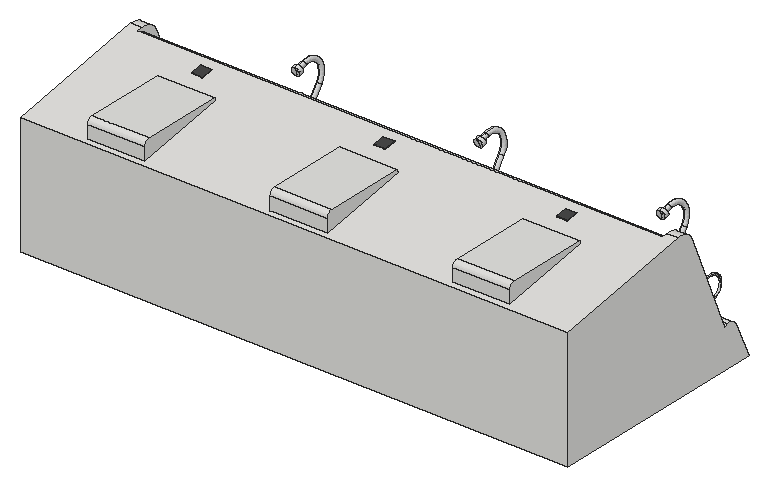
Revit family "Plumbing-Sink-Sloan-Valve-ESS-3300", category Plumbing Fixtures, host Face, Revit 2019
Family settings
  Host = Face
  Round Connector Dimension = Use Diameter
  Part Type = Normal
  OmniClass Number = 23.45.05.14.14
  OmniClass Title = Sinks/Lavatories
  Cut with Voids When Loaded = No
  Shared = No
  Room Calculation Point = No
Parameters (values of type "ESS-3300")
  z_C = no
  Width = 96.00"  # constant formula
  Water Flow = 2.2 GPM
  Waste Connection = yes
  WFU = 3
  Voltage = 110 V
  Vent Connection = no
  Valve Pressure Drop = 0.0 Pa
  URL = "www.sloanvalve.com"
  Sanitary Drain Connection Diameter = 1.50"
  Product data url = "https://bimobject.com/sloan_valve/product/sinks_stainless-steel_ess-3300"
  Product Material = Sloan Valve - Finish - Stainless Steel
  Product Guid = ""
  Power Factor = 0.8
  Part Number = ""
  Number of Poles = 3
  Model = "ESS-3300"
  Manufacturer = "Sloan Valve"  # constant formula
  Keynote = "10000"
  Hot Water Connection Diameter = 0.50"
  Height = 39.50"  # constant formula
  HWFU = 3
  HW Connection = yes
  z_Elevation [instance] = 25.00"  # constant formula
  Frequency = 60 Hz
  Edition number = 1
  Description = "Stainless Steel 3-Station Wall-Mounted Deluxe Scrub Sink."
  Depth = 25.31"  # constant formula
  Default Elevation = 0.00"  # constant formula
  Current = 15 A
  Cold Water Connection Diameter = 0.50"
  CWFU = 3
  CW Connection = yes
  Assembly Code = "D2010400"
  Apparent Load = (Voltage * Current) / (Power Factor * Number of Poles)  # 687.5 VA
  ADA Compliant = 1 = 1  # yes
Reference planes (in)
  plane 1 "Center (Front/Back)": y = 0
  plane 2: z = 0
  plane 3 "Center (Left/Right)": x = 0
  plane 4: x = -48
  plane 5: x = 48
  plane 6: z = 25.31
  plane 7: z = 5.26918
  plane 8: x = -42
  plane 9: x = -10
  plane 10: x = 22
  plane 11: y = -31.25
  plane 12: y = -56.25
  plane 13: y = -15.24713
Forms (in)
  Extrusion 1, solid, not visible
    sketch origin (0, 1, 0) x (1, 0, 0) y (0, 1, 0)
      loop
        circle (-23, -32.25) r 0.25
      loop
        circle (-26, -32.25) r 0.25
      loop
        circle (0, -32.25) r 0.75
      loop
        line (-41.25, -30.25) -> (-41.25, -34.25) -> (-38.75, -34.25) -> (-38.75, -30.25) -> (-41.25, -30.25)
      loop
        circle (9, -32.25) r 0.25
      loop
        circle (6, -32.25) r 0.25
      loop
        line (-9.25, -34.25) -> (-6.75, -34.25) -> (-6.75, -30.25) -> (-9.25, -30.25) -> (-9.25, -34.25)
      loop
        line (38.75, -34.25) -> (41.25, -34.25) -> (41.25, -30.25) -> (38.75, -30.25) -> (38.75, -34.25)
      loop
        circle (23, -32.25) r 0.25
      loop
        circle (26, -32.25) r 0.25
    from 0 to 0.50971
Dimensions and locks (in)
  "Depth": plane 6 to plane 2
  locked: plane 11 to plane 1 "Center (Front/Back)" at 31.25
  "z_Elevation": plane 11 to plane 12
  aligned and locked: plane 2 to host face
  aligned and locked: level to host face
  aligned and locked: plane 3 "Center (Left/Right)" to nested 1
Automatic sketch dimensions
  host sketch curve to host sketch curve = 131.57161"
  host sketch curve to host sketch curve = 89.40725"
  Extrusion 1 sketch curve to Extrusion 1 sketch curve = 19.25"
  Extrusion 1 sketch curve to Extrusion 1 sketch curve = 2.50"  (x3)
  Extrusion 1 sketch curve to Extrusion 1 sketch curve = 6.00"
  Extrusion 1 sketch curve to Extrusion 1 sketch curve = 9.00"
  Extrusion 1 sketch curve to Extrusion 1 sketch curve = 4.00"  (x3)
  Extrusion 1 sketch curve to Extrusion 1 sketch curve = 29.50"
  Extrusion 1 sketch curve to Extrusion 1 sketch curve = 61.75"
  Extrusion 1 sketch curve to plane 3 "Center (Left/Right)" = 6.75"
  plane 3 "Center (Left/Right)" to Extrusion 1 sketch curve = 6.00"
  Extrusion 1 sketch curve to Extrusion 1 sketch curve = 3.00"
  plane 10 to Extrusion 1 sketch curve = 1.00"
  Extrusion 1 sketch curve to Extrusion 1 sketch curve = 0.25"  (x2)
  Extrusion 1 sketch curve to Extrusion 1 sketch curve = 2.75"
  Extrusion 1 sketch curve to Extrusion 1 sketch curve = 0.00"  (x6)
  plane 1 "Center (Front/Back)" to Extrusion 1 sketch curve = 33.25"  (x3)
  Extrusion 1 sketch curve to Extrusion 1 sketch curve = 2.00"  (x3)
  radius of Extrusion 1 sketch curve = 0.25"  (x4)
  radius of Extrusion 1 sketch curve = 0.75"
Nested families (in)
  nested 1: "Geometry" at (0, -15.25, 0), type "Geometry"
Connectors (in)
  piping at (-23, -31.25, 0), diameter 0.5, driven by "Cold Water Connection Diameter", driven by "Water Flow"
    settings: on Extrusion 1, index 3, connector inside diameter 24.00", connector length 0.00", flow factor 0, pipe flow 2.2 GPM, pressure drop 0.0 Pa, fitting loss kfactor 0, connector angle 0.00°, fixture units 1.5, engagement length 0.00", angle of deflection 0.00°, flow configuration 1, flow direction 1, fitting loss method 0, system type 20, joint type 0, gender type 0, connector reference index -1, connector utility 0, adjustable connector no, is connector primary yes, connector description "Cold Water Connection 1"
  piping at (-26, -31.25, 0), diameter 0.5, driven by "Hot Water Connection Diameter", driven by "Water Flow"
    settings: on Extrusion 1, index 4, connector inside diameter 24.00", connector length 0.00", flow factor 0, pipe flow 2.2 GPM, pressure drop 0.0 Pa, fitting loss kfactor 0, connector angle 0.00°, fixture units 1.5, engagement length 0.00", angle of deflection 0.00°, flow configuration 1, flow direction 1, fitting loss method 0, system type 19, joint type 0, gender type 0, connector reference index -1, connector utility 0, adjustable connector no, is connector primary no, connector description "Hot Water Connection 1"
  piping at (0, -31.25, 0), diameter 1.5, driven by "Sanitary Drain Connection Diameter", driven by "WFU"
    settings: on Extrusion 1, index 5, connector inside diameter 24.00", connector length 0.00", flow factor 0, pipe flow 0.0 GPM, pressure drop 0.0 Pa, fitting loss kfactor 0, connector angle 0.00°, fixture units 3, engagement length 0.00", angle of deflection 0.00°, flow configuration 3, flow direction 2, fitting loss method 0, system type 16, joint type 0, gender type 0, connector reference index -1, connector utility 0, adjustable connector no, is connector primary no, connector description "Sanitary Drain Connection"
  electrical at (-40, -31.25, 0), driven by "Number of Poles", driven by "Voltage", driven by "Apparent Load", driven by "Apparent Load", driven by "Apparent Load", driven by "Power Factor"
    settings: on Extrusion 1, index 6, voltage 110 V, apparent load 0 VA, apparent load phase1 687.5 VA, apparent load phase2 687.5 VA, apparent load phase3 687.5 VA, power factor 0.8, load classification "Other", number of poles 3, system type 31, power factor state 1, is connector primary yes, connector utility no, sub classification motor no, connector description "Power Connection 1"
  piping at (6, -31.25, 0), diameter 0.5, driven by "Hot Water Connection Diameter", driven by "Water Flow"
    settings: on Extrusion 1, index 7, connector inside diameter 24.00", connector length 0.00", flow factor 0, pipe flow 2.2 GPM, pressure drop 0.0 Pa, fitting loss kfactor 0, connector angle 0.00°, fixture units 1.5, engagement length 0.00", angle of deflection 0.00°, flow configuration 1, flow direction 1, fitting loss method 0, system type 19, joint type 0, gender type 0, connector reference index -1, connector utility 0, adjustable connector no, is connector primary no, connector description "Hot Water Connection 2"
  piping at (9, -31.25, 0), diameter 0.5, driven by "Cold Water Connection Diameter", driven by "Water Flow"
    settings: on Extrusion 1, index 8, connector inside diameter 24.00", connector length 0.00", flow factor 0, pipe flow 2.2 GPM, pressure drop 0.0 Pa, fitting loss kfactor 0, connector angle 0.00°, fixture units 1.5, engagement length 0.00", angle of deflection 0.00°, flow configuration 1, flow direction 1, fitting loss method 0, system type 20, joint type 0, gender type 0, connector reference index -1, connector utility 0, adjustable connector no, is connector primary no, connector description "Cold Water Connection 2"
  electrical at (-8, -31.25, 0), driven by "Number of Poles", driven by "Voltage", driven by "Apparent Load", driven by "Apparent Load", driven by "Apparent Load", driven by "Power Factor"
    settings: on Extrusion 1, index 9, voltage 110 V, apparent load 0 VA, apparent load phase1 687.5 VA, apparent load phase2 687.5 VA, apparent load phase3 687.5 VA, power factor 0.8, load classification "Other", number of poles 3, system type 31, power factor state 1, is connector primary no, connector utility no, sub classification motor no, connector description "Power Connection 2"
  electrical at (40, -31.25, 0), driven by "Number of Poles", driven by "Voltage", driven by "Apparent Load", driven by "Apparent Load", driven by "Apparent Load", driven by "Power Factor"
    settings: on Extrusion 1, index 10, voltage 110 V, apparent load 0 VA, apparent load phase1 687.5 VA, apparent load phase2 687.5 VA, apparent load phase3 687.5 VA, power factor 0.8, load classification "Other", number of poles 3, system type 31, power factor state 1, is connector primary no, connector utility no, sub classification motor no, connector description "Power Connection 3"
  piping at (23, -31.25, 0), diameter 0.5, driven by "Valve Pressure Drop", driven by "Hot Water Connection Diameter", driven by "Water Flow"
    settings: on Extrusion 1, index 11, connector inside diameter 24.00", connector length 0.00", flow factor 0, pipe flow 2.2 GPM, pressure drop 0.0 Pa, fitting loss kfactor 0, connector angle 0.00°, fixture units 3, engagement length 0.00", angle of deflection 0.00°, flow configuration 1, flow direction 1, fitting loss method 0, system type 19, joint type 0, gender type 0, connector reference index -1, connector utility 0, adjustable connector no, is connector primary no, connector description "Hot Water Connection 3"
  piping at (26, -31.25, 0), diameter 0.5, driven by "Valve Pressure Drop", driven by "Cold Water Connection Diameter", driven by "Water Flow"
    settings: on Extrusion 1, index 12, connector inside diameter 24.00", connector length 0.00", flow factor 0, pipe flow 2.2 GPM, pressure drop 0.0 Pa, fitting loss kfactor 0, connector angle 0.00°, fixture units 3, engagement length 0.00", angle of deflection 0.00°, flow configuration 1, flow direction 1, fitting loss method 0, system type 20, joint type 0, gender type 0, connector reference index -1, connector utility 0, adjustable connector no, is connector primary no, connector description "Cold Water Connection 3"
Definition of nested family "Geometry"
  Parameters (values of type "Geometry")
    z_C = no
    URL = ""
    Symbolic Lines 2 = not(z_C)  # yes
    Symbolic Lines = z_C  # no
    Radius = if(z_C, 7.00" / 16, 3.00" / 4)  # 0.75"
    Product Material = none
    Plastic Material = none
    Model = ""
    Manufacturer = ""
    Faucet Material = none
    Description = ""
    Default Elevation = 41.00"
    Assembly Code = ""
  Reference planes (in)
    plane 1 "Center (Front/Back)": y = 0
    plane 2: z = 0
    plane 3 "Center (Left/Right)": x = 0
    plane 4: y = -41
    plane 5: y = -24.25
    plane 6: y = 15.25
    plane 7: y = -16
    plane 8: x = 2
    plane 9: y = -4.5
    plane 10: x = -48
    plane 11: x = 48
    plane 12: x = -8
    plane 13: x = -40
    plane 14: x = -47
    plane 15: x = -19
    plane 16: x = -16
    plane 17: x = -1
    plane 18: through (32, 16.76501, 16.38512) normal (0, 0.3256, -0.9455)
    plane 19: through (32, 17.00923, 15.676) normal (0, 0.3256, -0.9455)
    plane 20: y = 16.11763
    plane 21: x = 42
    plane 22: through (0, 16.76501, 16.38512) normal (0, 0.3256, -0.9455)
    plane 23: through (0, 17.00923, 15.676) normal (0, 0.3256, -0.9455)
    plane 24: y = 16.11763
    plane 25: x = -32
    plane 26: through (-32, 16.76501, 16.38512) normal (0, 0.3256, -0.9455)
    plane 27: through (-32, 17.00923, 15.676) normal (0, 0.3256, -0.9455)
    plane 28: y = 16.11763
    plane 29: x = 40
    plane 30: z = 5.26918
    plane 31: z = 3.16893
    plane 32: y = -11.07068
    plane 33: x = 1
  Forms (in)
    Extrusion 1, solid
      sketch origin (0, 0, 0) x (1, 0, 0) y (0, 1, 0)
        loop
          line (-75, 48) -> (-75, -48) -> (74.90644, -48) -> (74.90644, 48) -> (-75, 48)
      from 0 to -12
    Extrusion 2, solid, material <- "Product Material"
      sketch origin (-48, 0, 0) x (0, 1, 0) y (0, 0, 1)
        loop
          line (-24.25, 0) -> (15.25, 0) -> (12.42821, 6.33785)
          arc (12.42821, 6.33785) -> (11.73423, 6.99641) -> (10.77785, 6.97136) r 1.25
          line (10.77785, 6.97136) -> (10.02445, 6.63593) -> (3.11923, 23.35629)
          arc (3.11923, 23.35629) -> (1.88621, 24.90802) -> (-0.0625, 25.26953) r 2.82843
          line (-0.0625, 25.26953) -> (-24.25, 21.00462) -> (-24.25, 0)
      from 0 to 32
    Extrusion 3, void
      sketch origin (-46.5, 0, 0) x (0, 1, 0) y (0, 0, 1)
        loop
          line (10.02145, 6.64319) -> (3.11923, 23.35629)
          arc (3.11923, 23.35629) -> (1.88621, 24.90802) -> (-0.0625, 25.26953) r 2.82843
          line (-0.0625, 25.26953) -> (-0.93586, 25.11553)
          arc (-0.93586, 25.11553) -> (-0.03625, 24.46827) -> (-0.42579, 23.43072) r 0.91189
          line (-0.42579, 23.43072) -> (-8.32843, 18.75694) -> (-11.8164, 10.5398) -> (-11.8164, 5.0202)
          arc (-11.8164, 5.0202) -> (-11.56939, 4.42386) -> (-10.97305, 4.17685) r 0.84335
          line (-10.97305, 4.17685) -> (4.04941, 4.17685) -> (10.02145, 6.64319)
      from 0.5 to 28.5
    Extrusion 4, solid, material <- "Product Material"
      sketch origin (-32.32716, 0, 0) x (0, 1, 0) y (0, 0, 1)
        loop
          line (-7.90497, 24.38403) -> (-22.2363, 24.38403)
          arc (-22.2363, 24.38403) -> (-22.94341, 24.09114) -> (-23.2363, 23.38403) r 1
          line (-23.2363, 23.38403) -> (-23.2363, 20.78863) -> (-7.78139, 23.50473) -> (-7.90497, 24.38403)
      from -4.67284 to 5.32716
    Extrusion 5, solid, material <- "Plastic Material"
      sketch origin (-32, -0.05317, 26.02757) x (1, 0, 0) y (0, 0.984808, 0.173648)
        loop
          line (-1, -3.5) -> (-1, -5.5) -> (1, -5.5) -> (1, -3.5) -> (-1, -3.5)
      from 0 to 0.0625
    Extrusion 6, solid, material <- "Product Material"
      sketch origin (-16, 0, 0) x (0, 1, 0) y (0, 0, 1)
        loop
          line (-24.25, 0) -> (15.25, 0) -> (12.42821, 6.33785)
          arc (12.42821, 6.33785) -> (11.73423, 6.99641) -> (10.77785, 6.97136) r 1.25
          line (10.77785, 6.97136) -> (10.02445, 6.63593) -> (3.11923, 23.35629)
          arc (3.11923, 23.35629) -> (1.88621, 24.90802) -> (-0.0625, 25.26953) r 2.82843
          line (-0.0625, 25.26953) -> (-24.25, 21.00462) -> (-24.25, 0)
      from 0 to 32
    Extrusion 7, void
      sketch origin (-14.5, 0, 0) x (0, 1, 0) y (0, 0, 1)
        loop
          line (10.02145, 6.64319) -> (3.11923, 23.35629)
          arc (3.11923, 23.35629) -> (1.88621, 24.90802) -> (-0.0625, 25.26953) r 2.82843
          line (-0.0625, 25.26953) -> (-0.93586, 25.11553)
          arc (-0.93586, 25.11553) -> (-0.03625, 24.46827) -> (-0.42579, 23.43072) r 0.91189
          line (-0.42579, 23.43072) -> (-8.32843, 18.75694) -> (-11.8164, 10.5398) -> (-11.8164, 5.0202)
          arc (-11.8164, 5.0202) -> (-11.56939, 4.42386) -> (-10.97305, 4.17685) r 0.84335
          line (-10.97305, 4.17685) -> (4.04941, 4.17685) -> (10.02145, 6.64319)
      from -3.5 to 28.5
    Extrusion 8, solid, material <- "Product Material"
      sketch origin (-0.32716, 0, 0) x (0, 1, 0) y (0, 0, 1)
        loop
          line (-7.90497, 24.38403) -> (-22.2363, 24.38403)
          arc (-22.2363, 24.38403) -> (-22.94341, 24.09114) -> (-23.2363, 23.38403) r 1
          line (-23.2363, 23.38403) -> (-23.2363, 20.78863) -> (-7.78139, 23.50473) -> (-7.90497, 24.38403)
      from -4.67284 to 5.32716
    Extrusion 9, solid, material <- "Plastic Material"
      sketch origin (0, -0.05317, 26.02757) x (1, 0, 0) y (0, 0.984808, 0.173648)
        loop
          line (-1, -3.5) -> (-1, -5.5) -> (1, -5.5) -> (1, -3.5) -> (-1, -3.5)
      from 0 to 0.0625
    Extrusion 10, solid, material <- "Product Material"
      sketch origin (-17, 0, 0) x (1, 0, 0) y (0, 1, 0)
        loop
          circle (-6, -16) r 0.25
        loop
          circle (-9, -16) r 0.25
        loop
          line (-24.25, -14) -> (-24.25, -18) -> (-21.75, -18) -> (-21.75, -14) -> (-24.25, -14)
        loop
          line (58.25, -14) -> (55.75, -14) -> (55.75, -18) -> (58.25, -18) -> (58.25, -14)
        loop
          circle (17, -16) r 0.75
        loop
          circle (40, -16) r 0.25
        loop
          circle (43, -16) r 0.25
        loop
          line (7.75, -14) -> (7.75, -18) -> (10.25, -18) -> (10.25, -14) -> (7.75, -14)
        loop
          circle (23, -16) r 0.25
        loop
          circle (26, -16) r 0.25
      from 0 to 0.0625
    Extrusion 11, solid, material <- "Product Material"
      sketch origin (16, 0, 0) x (0, 1, 0) y (0, 0, 1)
        loop
          line (-24.25, 0) -> (15.25, 0) -> (12.42821, 6.33785)
          arc (12.42821, 6.33785) -> (11.73423, 6.99641) -> (10.77785, 6.97136) r 1.25
          line (10.77785, 6.97136) -> (10.02445, 6.63593) -> (3.11923, 23.35629)
          arc (3.11923, 23.35629) -> (1.88621, 24.90802) -> (-0.0625, 25.26953) r 2.82843
          line (-0.0625, 25.26953) -> (-24.25, 21.00462) -> (-24.25, 0)
      from 0 to 32
    Extrusion 12, void
      sketch origin (17.5, 0, 0) x (0, 1, 0) y (0, 0, 1)
        loop
          line (10.02145, 6.64319) -> (3.11923, 23.35629)
          arc (3.11923, 23.35629) -> (1.88621, 24.90802) -> (-0.0625, 25.26953) r 2.82843
          line (-0.0625, 25.26953) -> (-0.93586, 25.11553)
          arc (-0.93586, 25.11553) -> (-0.03625, 24.46827) -> (-0.42579, 23.43072) r 0.91189
          line (-0.42579, 23.43072) -> (-8.32843, 18.75694) -> (-11.8164, 10.5398) -> (-11.8164, 5.0202)
          arc (-11.8164, 5.0202) -> (-11.56939, 4.42386) -> (-10.97305, 4.17685) r 0.84335
          line (-10.97305, 4.17685) -> (4.04941, 4.17685) -> (10.02145, 6.64319)
      from -3.5 to 28.5
    Extrusion 13, solid, material <- "Product Material"
      sketch origin (31.67284, 0, 0) x (0, 1, 0) y (0, 0, 1)
        loop
          line (-7.90497, 24.38403) -> (-22.2363, 24.38403)
          arc (-22.2363, 24.38403) -> (-22.94341, 24.09114) -> (-23.2363, 23.38403) r 1
          line (-23.2363, 23.38403) -> (-23.2363, 20.78863) -> (-7.78139, 23.50473) -> (-7.90497, 24.38403)
      from -4.67284 to 5.32716
    Extrusion 14, solid, material <- "Plastic Material"
      sketch origin (32, -0.05317, 26.02757) x (1, 0, 0) y (0, 0.984808, 0.173648)
        loop
          line (-1, -3.5) -> (-1, -5.5) -> (1, -5.5) -> (1, -3.5) -> (-1, -3.5)
      from 0 to 0.0625
    Sweep 15, solid, material <- "Faucet Material"
      path origin (32, 13.7656, 3.33402) x (0, 0.913545, 0.406737) y (0, 0.406737, -0.913545)
        loop
          line (0, -2) -> (4.2271, -2)
          arc (4.2271, -2) -> (5.30648, -2.1517) -> (6.30224, -2.59504) r 3.91597
          line (6.30224, -2.59504) -> (10.41671, -5.16605)
          arc (10.41671, -5.16605) -> (11.72574, -8.36585) -> (9.10659, -10.62246) r 2.95861
          line (9.10659, -10.62246) -> (8.04952, -10.71488)
      profile origin (32, 14.88295, 6.02077) x (0, 0.406737, -0.913545) y (-1, 0, 0)
        loop
          circle (0, 0) r 0.375
    Revolve 16, solid, material <- "Faucet Material"
      sketch origin (32, 13.7656, 3.33402) x (0, 0.913545, 0.406737) y (0, 0.406737, -0.913545)
        loop
          line (0, -2) -> (1.5, -2) -> (1.5, -1.5) -> (1.46812, -1.46812) -> (0.71812, -1.46812) -> (0.25, -0.75) -> (0, -0.75) -> (0, -2)
        axis (1.5, -2) -> (0, -2)
      angle from 0 to 360
    Sweep 17, solid, material <- "Faucet Material"
      path origin (26, 0.1652, -0.34987) x (0, 0.999848, 0.017452) y (0, -0.017452, 0.999848)
        loop
          line (12.62902, 11.03979) -> (14.59777, 11.03979)
          arc (14.59777, 11.03979) -> (16.55762, 9.43852) -> (15.37924, 7.19878) r 2
          line (15.37924, 7.19878) -> (12.80505, 6.1061)
      profile origin (26, 13.58386, 10.92582) x (0, -0.017452, 0.999848) y (1, 0, 0)
        loop
          circle (0, 16) r 0.125
    Revolve 18, solid, material <- "Faucet Material"
      sketch origin (42, 0.05669, -0.12732) x (0, 1, 0) y (0, 0, 1)
        loop
          line (12.57489, 6.0084) -> (12.77826, 5.55163) -> (13.00664, 5.65331) -> (12.80327, 6.11009) -> (12.57489, 6.0084)
        axis (12.80327, 6.11009) -> (12.57489, 6.0084)
      angle from 0 to 360
    Revolve 19, solid, material <- "Faucet Material"
      sketch origin (32.00068, 11.83217, 5.62815) x (0, 0.913545, 0.406737) y (0, -0.406737, 0.913545)
        loop
          line (8.81631, 7.07347) -> (8.88163, 7.82062) -> (8.19954, 7.88026) -> (8.13421, 7.13311) -> (8.81631, 7.07347)
        axis (8.88163, 7.82062) -> (8.19954, 7.88026)
      angle from 0 to 360
    Sweep 20, solid, material <- "Faucet Material"
      path origin (0, 13.7656, 3.33402) x (0, 0.913545, 0.406737) y (0, 0.406737, -0.913545)
        loop
          line (0, -2) -> (4.2271, -2)
          arc (4.2271, -2) -> (5.30648, -2.1517) -> (6.30224, -2.59504) r 3.91597
          line (6.30224, -2.59504) -> (10.41671, -5.16605)
          arc (10.41671, -5.16605) -> (11.72574, -8.36585) -> (9.10659, -10.62246) r 2.95861
          line (9.10659, -10.62246) -> (8.04952, -10.71488)
      profile origin (0, 14.88295, 6.02077) x (0, 0.406737, -0.913545) y (-1, 0, 0)
        loop
          circle (0, 0) r 0.375
    Revolve 21, solid, material <- "Faucet Material"
      sketch origin (0, 13.7656, 3.33402) x (0, 0.913545, 0.406737) y (0, 0.406737, -0.913545)
        loop
          line (0, -2) -> (1.5, -2) -> (1.5, -1.5) -> (1.46812, -1.46812) -> (0.71812, -1.46812) -> (0.25, -0.75) -> (0, -0.75) -> (0, -2)
        axis (1.5, -2) -> (0, -2)
      angle from 0 to 360
    Sweep 22, solid, material <- "Faucet Material"
      path origin (-6, 0.1652, -0.34987) x (0, 0.999848, 0.017452) y (0, -0.017452, 0.999848)
        loop
          line (12.62902, 11.03979) -> (14.59777, 11.03979)
          arc (14.59777, 11.03979) -> (16.55762, 9.43852) -> (15.37924, 7.19878) r 2
          line (15.37924, 7.19878) -> (12.80505, 6.1061)
      profile origin (-6, 13.58386, 10.92582) x (0, -0.017452, 0.999848) y (1, 0, 0)
        loop
          circle (0, 16) r 0.125
    Revolve 23, solid, material <- "Faucet Material"
      sketch origin (10, 0.05669, -0.12732) x (0, 1, 0) y (0, 0, 1)
        loop
          line (12.57489, 6.0084) -> (12.77826, 5.55163) -> (13.00664, 5.65331) -> (12.80327, 6.11009) -> (12.57489, 6.0084)
        axis (12.80327, 6.11009) -> (12.57489, 6.0084)
      angle from 0 to 360
    Revolve 24, solid, material <- "Faucet Material"
      sketch origin (0.00068, 11.83217, 5.62815) x (0, 0.913545, 0.406737) y (0, -0.406737, 0.913545)
        loop
          line (8.81631, 7.07347) -> (8.88163, 7.82062) -> (8.19954, 7.88026) -> (8.13421, 7.13311) -> (8.81631, 7.07347)
        axis (8.88163, 7.82062) -> (8.19954, 7.88026)
      angle from 0 to 360
    Sweep 25, solid, material <- "Faucet Material"
      path origin (-32, 13.7656, 3.33402) x (0, 0.913545, 0.406737) y (0, 0.406737, -0.913545)
        loop
          line (0, -2) -> (4.2271, -2)
          arc (4.2271, -2) -> (5.30648, -2.1517) -> (6.30224, -2.59504) r 3.91597
          line (6.30224, -2.59504) -> (10.41671, -5.16605)
          arc (10.41671, -5.16605) -> (11.72574, -8.36585) -> (9.10659, -10.62246) r 2.95861
          line (9.10659, -10.62246) -> (8.04952, -10.71488)
      profile origin (-32, 14.88295, 6.02077) x (0, 0.406737, -0.913545) y (-1, 0, 0)
        loop
          circle (0, 0) r 0.375
    Revolve 26, solid, material <- "Faucet Material"
      sketch origin (-32, 13.7656, 3.33402) x (0, 0.913545, 0.406737) y (0, 0.406737, -0.913545)
        loop
          line (0, -2) -> (1.5, -2) -> (1.5, -1.5) -> (1.46812, -1.46812) -> (0.71812, -1.46812) -> (0.25, -0.75) -> (0, -0.75) -> (0, -2)
        axis (1.5, -2) -> (0, -2)
      angle from 0 to 360
    Sweep 27, solid, material <- "Faucet Material"
      path origin (-38, 0.1652, -0.34987) x (0, 0.999848, 0.017452) y (0, -0.017452, 0.999848)
        loop
          line (12.62902, 11.03979) -> (14.59777, 11.03979)
          arc (14.59777, 11.03979) -> (16.55762, 9.43852) -> (15.37924, 7.19878) r 2
          line (15.37924, 7.19878) -> (12.80505, 6.1061)
      profile origin (-38, 13.58386, 10.92582) x (0, -0.017452, 0.999848) y (1, 0, 0)
        loop
          circle (0, 16) r 0.125
    Revolve 28, solid, material <- "Faucet Material"
      sketch origin (-22, 0.05669, -0.12732) x (0, 1, 0) y (0, 0, 1)
        loop
          line (12.57489, 6.0084) -> (12.77826, 5.55163) -> (13.00664, 5.65331) -> (12.80327, 6.11009) -> (12.57489, 6.0084)
        axis (12.80327, 6.11009) -> (12.57489, 6.0084)
      angle from 0 to 360
    Revolve 29, solid, material <- "Faucet Material"
      sketch origin (-31.99932, 11.83217, 5.62815) x (0, 0.913545, 0.406737) y (0, -0.406737, 0.913545)
        loop
          line (8.81631, 7.07347) -> (8.88163, 7.82062) -> (8.19954, 7.88026) -> (8.13421, 7.13311) -> (8.81631, 7.07347)
        axis (8.88163, 7.82062) -> (8.19954, 7.88026)
      angle from 0 to 360
    Revolve 30, solid, material <- "Product Material"
      sketch origin (0, -11.82068, 8.64844) x (1, 0, 0) y (0, 1, 0)
        loop
          line (0, 0.6875) -> (0.21984, 0.6875) -> (0.64944, 0) -> (0.75, 0) -> (0.75, 0.03911) -> (0.6987, 0.03911) -> (0.25449, 0.75) -> (0, 0.75) -> (0, 0.6875)
        axis (0, 0.75) -> (0, 0)
      angle from 0 to 360
    Extrusion 31, void
      sketch origin (0, -11.82068, 8.64844) x (1, 0, 0) y (0, 0, -1)
        loop
          arc (-0.15734, 0) -> (-0.156, -0.02054) -> (-0.15198, -0.04072) r 0.15734
          line (-0.15198, -0.04072) -> (-0.06143, -0.01646)
          arc (-0.06143, -0.01646) -> (-0.06359, 0) -> (-0.06143, 0.01646) r 0.06359
          line (-0.06143, 0.01646) -> (-0.15198, 0.04072)
          arc (-0.15198, 0.04072) -> (-0.156, 0.02054) -> (-0.15734, 0) r 0.15734
        loop
          arc (0.15734, 0) -> (0.156, 0.02054) -> (0.15198, 0.04072) r 0.15734
          line (0.15198, 0.04072) -> (0.06143, 0.01646)
          arc (0.06143, 0.01646) -> (0.06359, 0) -> (0.06143, -0.01646) r 0.06359
          line (0.06143, -0.01646) -> (0.15198, -0.04072)
          arc (0.15198, -0.04072) -> (0.156, -0.02054) -> (0.15734, 0) r 0.15734
        loop
          arc (-0.01646, 0.06143) -> (0, 0.06359) -> (0.01646, 0.06143) r 0.06359
          line (0.01646, 0.06143) -> (0.04072, 0.15198)
          arc (0.04072, 0.15198) -> (0, 0.15734) -> (-0.04072, 0.15198) r 0.15734
          line (-0.04072, 0.15198) -> (-0.01646, 0.06143)
        loop
          line (-0.01646, -0.06143) -> (-0.04072, -0.15198)
          arc (-0.04072, -0.15198) -> (0, -0.15734) -> (0.04072, -0.15198) r 0.15734
          line (0.04072, -0.15198) -> (0.01646, -0.06143)
          arc (0.01646, -0.06143) -> (0, -0.06359) -> (-0.01646, -0.06143) r 0.06359
        loop
          circle (0, 0) r 0.03234
      from 0.6875 to 0.75
    Extrusion 32, void
      sketch origin (0, -11.82068, 8.64844) x (1, 0, 0) y (0, 0, -1)
        loop
          arc (-0.04419, 0.25062) -> (0, 0.25449) -> (0.04419, 0.25062) r 0.25449
          line (0.04419, 0.25062) -> (0.11277, 0.63957)
          arc (0.11277, 0.63957) -> (0, 0.64944) -> (-0.11277, 0.63957) r 0.64944
          line (-0.11277, 0.63957) -> (-0.04419, 0.25062)
        loop
          arc (0.14597, 0.20846) -> (0.17995, 0.17995) -> (0.20846, 0.14597) r 0.25449
          line (0.20846, 0.14597) -> (0.53199, 0.3725)
          arc (0.53199, 0.3725) -> (0.45922, 0.45922) -> (0.3725, 0.53199) r 0.64944
          line (0.3725, 0.53199) -> (0.14597, 0.20846)
        loop
          line (-0.25062, 0.04419) -> (-0.63957, 0.11277)
          arc (-0.63957, 0.11277) -> (-0.64944, 0) -> (-0.63957, -0.11277) r 0.64944
          line (-0.63957, -0.11277) -> (-0.25062, -0.04419)
          arc (-0.25062, -0.04419) -> (-0.25449, 0) -> (-0.25062, 0.04419) r 0.25449
        loop
          arc (0.25062, 0.04419) -> (0.25449, 0) -> (0.25062, -0.04419) r 0.25449
          line (0.25062, -0.04419) -> (0.63957, -0.11277)
          arc (0.63957, -0.11277) -> (0.64944, 0) -> (0.63957, 0.11277) r 0.64944
          line (0.63957, 0.11277) -> (0.25062, 0.04419)
        loop
          line (-0.14597, 0.20846) -> (-0.3725, 0.53199)
          arc (-0.3725, 0.53199) -> (-0.45922, 0.45922) -> (-0.53199, 0.3725) r 0.64944
          line (-0.53199, 0.3725) -> (-0.20846, 0.14597)
          arc (-0.20846, 0.14597) -> (-0.17995, 0.17995) -> (-0.14597, 0.20846) r 0.25449
        loop
          line (-0.04419, -0.25062) -> (-0.11277, -0.63957)
          arc (-0.11277, -0.63957) -> (0, -0.64944) -> (0.11277, -0.63957) r 0.64944
          line (0.11277, -0.63957) -> (0.04419, -0.25062)
          arc (0.04419, -0.25062) -> (0, -0.25449) -> (-0.04419, -0.25062) r 0.25449
        loop
          line (0.14597, -0.20846) -> (0.3725, -0.53199)
          arc (0.3725, -0.53199) -> (0.45922, -0.45922) -> (0.53199, -0.3725) r 0.64944
          line (0.53199, -0.3725) -> (0.20846, -0.14597)
          arc (0.20846, -0.14597) -> (0.17995, -0.17995) -> (0.14597, -0.20846) r 0.25449
        loop
          arc (-0.14597, -0.20846) -> (-0.17995, -0.17995) -> (-0.20846, -0.14597) r 0.25449
          line (-0.20846, -0.14597) -> (-0.53199, -0.3725)
          arc (-0.53199, -0.3725) -> (-0.45922, -0.45922) -> (-0.3725, -0.53199) r 0.64944
          line (-0.3725, -0.53199) -> (-0.14597, -0.20846)
      from 0 to 0.6875
  Cuts and joins
    Extrusion 7 cuts Extrusion 5
    Extrusion 7, Extrusion 12 cuts Extrusion 9
    Extrusion 12 cuts Extrusion 14
    Extrusion 3, Extrusion 7, Extrusion 12 cuts Extrusion 2
    Extrusion 7, Extrusion 12 cuts Extrusion 4
    Extrusion 7, Extrusion 12 cuts Extrusion 6
    Extrusion 7, Extrusion 12 cuts Extrusion 8
    Extrusion 12 cuts Extrusion 11
    Extrusion 12 cuts Extrusion 13
    joined: Extrusion 2, Extrusion 4, Extrusion 6, Extrusion 8, Extrusion 11, Extrusion 13
    Extrusion 32 cuts Revolve 30
  Lines and regions (in)
    Masking region 1
      outline origin (0, 0, 0) x (1, 0, 0) y (0, 0, 1)
        loop
          line (48, 0) -> (48, 25.30548) -> (46, 25.30548) -> (46, 25.10851) -> (-46, 25.10851) -> (-46, 25.3125) -> (-48, 25.3125) -> (-48, 0) -> (48, 0)
    symbolic lines, detail levels medium+fine
      curve 1: line (46, 0, 25.10851) -> (46, 0, 6.7534)
      curve 2: line (-46, 0, 6.7534) -> (-46, 0, 25.11593)
      curve 3: line (46, 0, 23.43072) -> (-46, 0, 23.43072)
      curve 5: line (46, 0, 6.7534) -> (42.125, 0, 6.7534)
      curve 7: arc (31.625, 0, 6.46161) -> (32, 0, 4.01918) -> (32.375, 0, 6.46161) r 1.25
      curve 8: line (32.375, 0, 5.70666) -> (32.375, 0, 16.89471)
      curve 9: arc (32.375, 0, 5.70666) -> (31.97388, 0, 5.3955) -> (31.63025, 0, 5.76918) r 0.375
      curve 10: line (31.625, 0, 16.89471) -> (31.625, 0, 5.76918)
      curve 13: arc (32.375, 0, 16.89471) -> (32, 0, 17.26971) -> (31.625, 0, 16.89471) r 0.375
      curve 14: spline (41.875, 0, 6.42503) -> (41.66502, 0, 6.32187) -> (41.5312, 0, 6.1416) -> (41.50399, 0, 5.92521) -> (41.58955, 0, 5.72191) -> (41.76845, 0, 5.57792) -> (42, 0, 5.52599) -> (42.23155, 0, 5.57792) -> (42.41045, 0, 5.72191) -> (42.49601, 0, 5.92521) -> (42.4688, 0, 6.1416) -> (42.33498, 0, 6.32187) -> (42.125, 0, 6.42503)
      curve 15: spline (42.125, 0, 5.97878) -> (42.12074, 0, 5.94922) -> (42.10825, 0, 5.92168) -> (42.08839, 0, 5.89803) -> (42.0625, 0, 5.87988) -> (42.03235, 0, 5.86848) -> (42, 0, 5.86458) -> (41.96765, 0, 5.86848) -> (41.9375, 0, 5.87988) -> (41.91161, 0, 5.89803) -> (41.89175, 0, 5.92168) -> (41.87926, 0, 5.94922) -> (41.875, 0, 5.97878)
      curve 16: spline (42.125, 0, 10.90864) -> (42.12074, 0, 10.94099) -> (42.10825, 0, 10.97113) -> (42.08839, 0, 10.99702) -> (42.0625, 0, 11.01688) -> (42.03235, 0, 11.02936) -> (42, 0, 11.03362) -> (41.96765, 0, 11.02936) -> (41.9375, 0, 11.01688) -> (41.91161, 0, 10.99702) -> (41.89175, 0, 10.97113) -> (41.87926, 0, 10.94099) -> (41.875, 0, 10.90864)
      curve 17: line (42.125, 0, 5.97878) -> (42.125, 0, 10.90864)
      curve 18: line (41.875, 0, 10.90864) -> (41.875, 0, 5.97878)
      curve 20: line (32.375, 0, 6.7534) -> (41.875, 0, 6.7534)
      curve 22: line (31.625, 0, 6.7534) -> (10.125, 0, 6.7534)
      curve 24: arc (-0.375, 0, 6.46161) -> (0, 0, 4.01918) -> (0.375, 0, 6.46161) r 1.25
      curve 25: line (0.375, 0, 5.70666) -> (0.375, 0, 16.89471)
      curve 26: arc (0.375, 0, 5.70666) -> (-0.02612, 0, 5.3955) -> (-0.36975, 0, 5.76918) r 0.375
      curve 27: line (-0.375, 0, 16.89471) -> (-0.375, 0, 5.76918)
      curve 30: arc (0.375, 0, 16.89471) -> (0, 0, 17.26971) -> (-0.375, 0, 16.89471) r 0.375
      curve 31: spline (9.875, 0, 6.42503) -> (9.66502, 0, 6.32187) -> (9.5312, 0, 6.1416) -> (9.50399, 0, 5.92521) -> (9.58955, 0, 5.72191) -> (9.76845, 0, 5.57792) -> (10, 0, 5.52599) -> (10.23155, 0, 5.57792) -> (10.41045, 0, 5.72191) -> (10.49601, 0, 5.92521) -> (10.4688, 0, 6.1416) -> (10.33498, 0, 6.32187) -> (10.125, 0, 6.42503)
      curve 32: spline (10.125, 0, 5.97878) -> (10.12074, 0, 5.94922) -> (10.10825, 0, 5.92168) -> (10.08839, 0, 5.89803) -> (10.0625, 0, 5.87988) -> (10.03235, 0, 5.86848) -> (10, 0, 5.86458) -> (9.96765, 0, 5.86848) -> (9.9375, 0, 5.87988) -> (9.91161, 0, 5.89803) -> (9.89175, 0, 5.92168) -> (9.87926, 0, 5.94922) -> (9.875, 0, 5.97878)
      curve 33: spline (10.125, 0, 10.90864) -> (10.12074, 0, 10.94099) -> (10.10825, 0, 10.97113) -> (10.08839, 0, 10.99702) -> (10.0625, 0, 11.01688) -> (10.03235, 0, 11.02936) -> (10, 0, 11.03362) -> (9.96765, 0, 11.02936) -> (9.9375, 0, 11.01688) -> (9.91161, 0, 10.99702) -> (9.89175, 0, 10.97113) -> (9.87926, 0, 10.94099) -> (9.875, 0, 10.90864)
      curve 34: line (10.125, 0, 5.97878) -> (10.125, 0, 10.90864)
      curve 35: line (9.875, 0, 10.90864) -> (9.875, 0, 5.97878)
      curve 37: line (0.375, 0, 6.7534) -> (9.875, 0, 6.7534)
      curve 39: line (-0.375, 0, 6.7534) -> (-21.875, 0, 6.7534)
      curve 41: arc (-32.375, 0, 6.46161) -> (-32, 0, 4.01918) -> (-31.625, 0, 6.46161) r 1.25
      curve 42: line (-31.625, 0, 5.70666) -> (-31.625, 0, 16.89471)
      curve 43: arc (-31.625, 0, 5.70666) -> (-32.02612, 0, 5.3955) -> (-32.36975, 0, 5.76918) r 0.375
      curve 44: line (-32.375, 0, 16.89471) -> (-32.375, 0, 5.76918)
      curve 47: arc (-31.625, 0, 16.89471) -> (-32, 0, 17.26971) -> (-32.375, 0, 16.89471) r 0.375
      curve 48: spline (-22.125, 0, 6.42503) -> (-22.33498, 0, 6.32187) -> (-22.4688, 0, 6.1416) -> (-22.49601, 0, 5.92521) -> (-22.41045, 0, 5.72191) -> (-22.23155, 0, 5.57792) -> (-22, 0, 5.52599) -> (-21.76845, 0, 5.57792) -> (-21.58955, 0, 5.72191) -> (-21.50399, 0, 5.92521) -> (-21.5312, 0, 6.1416) -> (-21.66502, 0, 6.32187) -> (-21.875, 0, 6.42503)
      curve 49: spline (-21.875, 0, 5.97878) -> (-21.87926, 0, 5.94922) -> (-21.89175, 0, 5.92168) -> (-21.91161, 0, 5.89803) -> (-21.9375, 0, 5.87988) -> (-21.96765, 0, 5.86848) -> (-22, 0, 5.86458) -> (-22.03235, 0, 5.86848) -> (-22.0625, 0, 5.87988) -> (-22.08839, 0, 5.89803) -> (-22.10825, 0, 5.92168) -> (-22.12074, 0, 5.94922) -> (-22.125, 0, 5.97878)
      curve 50: spline (-21.875, 0, 10.90864) -> (-21.87926, 0, 10.94099) -> (-21.89175, 0, 10.97113) -> (-21.91161, 0, 10.99702) -> (-21.9375, 0, 11.01688) -> (-21.96765, 0, 11.02936) -> (-22, 0, 11.03362) -> (-22.03235, 0, 11.02936) -> (-22.0625, 0, 11.01688) -> (-22.08839, 0, 10.99702) -> (-22.10825, 0, 10.97113) -> (-22.12074, 0, 10.94099) -> (-22.125, 0, 10.90864)
      curve 51: line (-21.875, 0, 5.97878) -> (-21.875, 0, 10.90864)
      curve 52: line (-22.125, 0, 10.90864) -> (-22.125, 0, 5.97878)
      curve 54: line (-31.625, 0, 6.7534) -> (-22.125, 0, 6.7534)
      curve 56: line (-32.375, 0, 6.7534) -> (-46, 0, 6.7534)
    symbolic lines, detail levels fine
      curve 4: line (46, 0, 19.01047) -> (-46, 0, 19.01047)
      curve 6: line (46, 0, 10.5398) -> (42.125, 0, 10.5398)
      curve 19: arc (32.375, 0, 6.03661) -> (32, 0, 4.95081) -> (31.625, 0, 6.03661) r 0.60765
      curve 21: line (32.375, 0, 10.5398) -> (41.875, 0, 10.5398)
      curve 23: line (31.625, 0, 10.5398) -> (10.125, 0, 10.5398)
      curve 36: arc (0.375, 0, 6.03661) -> (0, 0, 4.95081) -> (-0.375, 0, 6.03661) r 0.60765
      curve 38: line (0.375, 0, 10.5398) -> (9.875, 0, 10.5398)
      curve 40: line (-0.375, 0, 10.5398) -> (-21.875, 0, 10.5398)
      curve 53: arc (-31.625, 0, 6.03661) -> (-32, 0, 4.95081) -> (-32.375, 0, 6.03661) r 0.60765
      curve 55: line (-31.625, 0, 10.5398) -> (-22.125, 0, 10.5398)
      curve 57: line (-32.375, 0, 10.5398) -> (-46, 0, 10.5398)
      curve 58: circle (22, 0, 5.26918) r 0.5 normal (0, -1, 0)
      curve 59: circle (-42, 0, 5.26918) r 0.5 normal (0, 1, 0)
      curve 60: circle (-10, 0, 5.26918) r 0.5 normal (0, -1, 0)
      curve 61: arc (-0.39974, 0, 9.28303) -> (-0.74993, 0, 8.6382) -> (-0.38227, 0, 8.00317) r 0.75
      curve 62: arc (0.37147, 0, 7.99689) -> (0.74997, 0, 8.64145) -> (0.38354, 0, 9.29295) r 0.75
    symbolic lines, visible <- "Symbolic Lines", detail levels medium+fine
      curve 11: spline (31.625, 0, 16.67022) -> (31.5703, 0, 16.81278) -> (31.56829, 0, 16.96538) -> (31.61921, 0, 17.10932) -> (31.71683, 0, 17.22694) -> (31.84917, 0, 17.30383) -> (32, 0, 17.33055) -> (32.15083, 0, 17.30383) -> (32.28317, 0, 17.22694) -> (32.38079, 0, 17.10932) -> (32.43171, 0, 16.96538) -> (32.4297, 0, 16.81278) -> (32.375, 0, 16.67022)
      curve 28: spline (-0.375, 0, 16.67022) -> (-0.4297, 0, 16.81278) -> (-0.43171, 0, 16.96538) -> (-0.38079, 0, 17.10932) -> (-0.28317, 0, 17.22694) -> (-0.15083, 0, 17.30383) -> (0, 0, 17.33055) -> (0.15083, 0, 17.30383) -> (0.28317, 0, 17.22694) -> (0.38079, 0, 17.10932) -> (0.43171, 0, 16.96538) -> (0.4297, 0, 16.81278) -> (0.375, 0, 16.67022)
      curve 45: spline (-32.375, 0, 16.67022) -> (-32.4297, 0, 16.81278) -> (-32.43171, 0, 16.96538) -> (-32.38079, 0, 17.10932) -> (-32.28317, 0, 17.22694) -> (-32.15083, 0, 17.30383) -> (-32, 0, 17.33055) -> (-31.84917, 0, 17.30383) -> (-31.71683, 0, 17.22694) -> (-31.61921, 0, 17.10932) -> (-31.56829, 0, 16.96538) -> (-31.5703, 0, 16.81278) -> (-31.625, 0, 16.67022)
    symbolic lines, visible <- "Symbolic Lines 2", detail levels medium+fine
      curve 12: spline (31.625, 0, 16.22949) -> (31.38564, 0, 16.44854) -> (31.26139, 0, 16.7481) -> (31.27556, 0, 17.07203) -> (31.42547, 0, 17.35964) -> (31.68304, 0, 17.55702) -> (32, 0, 17.6272) -> (32.31696, 0, 17.55702) -> (32.57453, 0, 17.35964) -> (32.72444, 0, 17.07203) -> (32.73861, 0, 16.7481) -> (32.61436, 0, 16.44854) -> (32.375, 0, 16.22949)
      curve 29: spline (-0.375, 0, 16.22949) -> (-0.61436, 0, 16.44854) -> (-0.73861, 0, 16.7481) -> (-0.72444, 0, 17.07203) -> (-0.57453, 0, 17.35964) -> (-0.31696, 0, 17.55702) -> (0, 0, 17.6272) -> (0.31696, 0, 17.55702) -> (0.57453, 0, 17.35964) -> (0.72444, 0, 17.07203) -> (0.73861, 0, 16.7481) -> (0.61436, 0, 16.44854) -> (0.375, 0, 16.22949)
      curve 46: spline (-32.375, 0, 16.22949) -> (-32.61436, 0, 16.44854) -> (-32.73861, 0, 16.7481) -> (-32.72444, 0, 17.07203) -> (-32.57453, 0, 17.35964) -> (-32.31696, 0, 17.55702) -> (-32, 0, 17.6272) -> (-31.68304, 0, 17.55702) -> (-31.42547, 0, 17.35964) -> (-31.27556, 0, 17.07203) -> (-31.26139, 0, 16.7481) -> (-31.38564, 0, 16.44854) -> (-31.625, 0, 16.22949)
  Dimensions and locks (in)
    plane 9 to plane 4 = 36.50"
    plane 1 "Center (Front/Back)" to plane 9 = 4.50"
    plane 10 to plane 11 = 96.00"
    plane 7 to plane 5 = 8.25"
    plane 7 to plane 4 = 25.00"
    locked: Revolve 19 sketch curve to Revolve 19 sketch curve at 0.6847
    "Radius": plane 18 to plane 19
    locked: Revolve 24 sketch curve to Revolve 24 sketch curve at 0.6847
    "Radius": plane 22 to plane 23
    locked: Revolve 29 sketch curve to Revolve 29 sketch curve at 0.6847
    "Radius": plane 26 to plane 27
    aligned and locked: Extrusion 1 to plane 2
    aligned and locked: Extrusion 1 to level
    aligned and locked: Revolve 19 sketch curve to plane 18
    aligned and locked: Revolve 19 sketch curve to plane 19
    aligned and locked: plane 20 to Revolve 19 sketch curve
    aligned and locked: Revolve 24 sketch curve to plane 22
    aligned and locked: Revolve 24 sketch curve to plane 23
    aligned and locked: plane 24 to Revolve 24 sketch curve
    aligned and locked: Revolve 29 sketch curve to plane 26
    aligned and locked: Revolve 29 sketch curve to plane 27
    aligned and locked: plane 28 to Revolve 29 sketch curve
